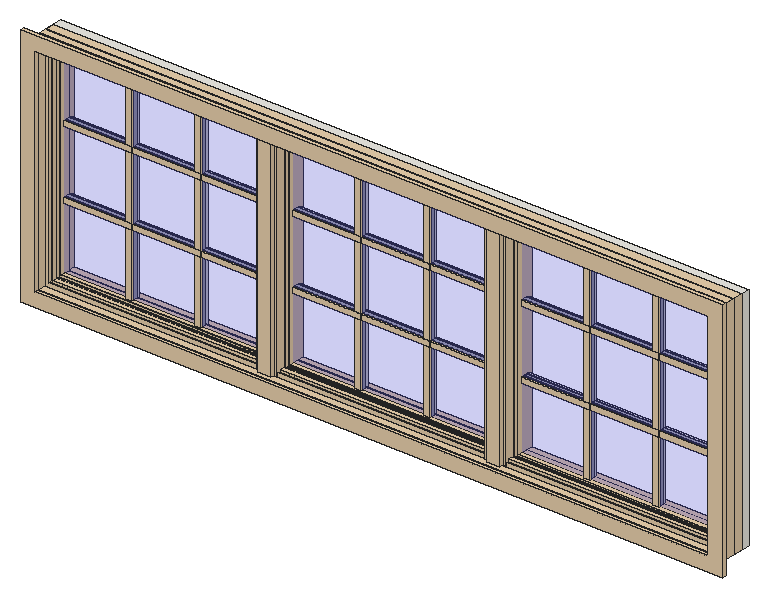
Revit family "1 Window-Transom_Fixed-Andersen-400_Series_Triple", category Windows, host Wall, Revit 2014 (continued)
Definition of nested family "Andersen_Sash_Panel"
  Definition of nested family "Andersen_Grille_Bar"
    Dimensions and locks (in)
      equal spacing: plane 4 "1", plane 3 "Center (Left/Right)", plane 5 "2"
      equal spacing: plane 6, plane 1 "Center (Front/Back)", plane 7
      "Bar Width": plane 4 "1" to plane 5 "2"
      "Bar Length": plane 6 to plane 7
      "Center Line Length": plane 6 to plane 9
      locked: plane 10 "a1" to plane 2 "a" at 12
      locked: plane 2 "a" to plane 11 "a2" at 12
      "Glass Pane Thickness": Extrusion 3 to plane 8 "b"
      "Glass Pane Thickness": plane 2 "a" to Extrusion 3
      aligned and locked: plane 2 "a" to Extrusion 1
      aligned and locked: level to Extrusion 1
      aligned and locked: Extrusion 2 to plane 2 "a"
      aligned and locked: Extrusion 2 to plane 4 "1"
      aligned and locked: plane 5 "2" to Extrusion 2
      aligned and locked: plane 6 to Extrusion 2
      aligned and locked: Extrusion 2 to plane 7
      aligned and locked: Extrusion 3 to plane 4 "1"
      aligned and locked: plane 5 "2" to Extrusion 3
      aligned and locked: plane 6 to Extrusion 3
      aligned and locked: Extrusion 3 to plane 7
      aligned and locked: plane 8 "b" to Extrusion 4
      aligned and locked: Extrusion 4 to plane 4 "1"
      aligned and locked: plane 5 "2" to Extrusion 4
      aligned and locked: plane 6 to Extrusion 4
      aligned and locked: Extrusion 4 to plane 7
      aligned and locked: plane 6 to curve 1
      aligned and locked: plane 9 to curve 1
      aligned and locked: curve 1 to plane 3 "Center (Left/Right)"
      aligned and locked: plane 6 to curve 2
      aligned and locked: plane 9 to curve 2
      aligned and locked: curve 2 to plane 3 "Center (Left/Right)"
    Automatic sketch dimensions
      Extrusion 1 sketch curve to Extrusion 1 sketch curve = 8' - 0"  (x2)
      plane 7 to Extrusion 2 sketch curve = 0' - 0"
      Extrusion 2 sketch curve to plane 5 "2" = 0' - 0 7/8"
      Extrusion 2 sketch curve to plane 6 = 0' - 0"
      Extrusion 2 sketch curve to Extrusion 2 sketch curve = 0' - 0 7/8"
      plane 7 to Extrusion 3 sketch curve = 0' - 0"
      Extrusion 3 sketch curve to plane 5 "2" = 0' - 0 7/8"
      Extrusion 3 sketch curve to plane 6 = 0' - 0"
      Extrusion 3 sketch curve to Extrusion 3 sketch curve = 0' - 0 7/8"
      Extrusion 4 sketch curve to plane 7 = 0' - 0"
      Extrusion 4 sketch curve to plane 5 "2" = 0' - 0 7/8"
      Extrusion 4 sketch curve to plane 6 = 0' - 0"
      Extrusion 4 sketch curve to Extrusion 4 sketch curve = 0' - 0 7/8"
Types (3): name | XPanelWidth | XPanelHeight | LWide | . . Lights Wide | . . Lights High | VGB DLO | TS V DLO | TS V Bar Length | TS SH DLO | TS S V | TS M V | TS M H | TS HGB DLO | Rough Width | Rough Height | Product Documentation Link | Masonry Width | Masonry Height | Height | H DLO | Exterior Trim Finish | Designation | Default Sill Height | Width
  84-5/8" x 12" | 2' - 10 7/8" | 2' - 10 7/8" | 3 | 3 | 3 | 2' - 9.82682" | 2' - 7 1/2" | 2' - 7 1/2" | 1' - 6" | no | yes | yes | 0' - 9.91667" | 9' - 0 59/256" | 3' - 0 1/2" | "https://www.andersenwindows.com/windows-and-doors/series/400-series/" | 9' - 0 59/256" | 3' - 0 1/2" | 3' - 0" | 8' - 7 59/256" | Fibrex Composite - Andersen - White | "CTR32410" | 3' - 10" | 8' - 11 187/256"
  71-7/8" x 12" | 1' - 10.92318" | 0' - 10 7/8" | 2 | 2 | 1 | 1' - 9 7/8" | 0' - 7 1/2" | 0' - 7 1/2" | 0' - 6" | yes | no | no | 0' - 4" | 6' - 0 3/8" | 1' - 0 1/2" | "http://www.andersenwindows.com/products/400-series-casement-window/" | 6' - 0 3/8" | 1' - 0 1/2" | 1' - 0" | 5' - 7 3/8" | none | "CTR32010" | 5' - 10" | 5' - 11 7/8"
  61" x 12" | 1' - 7.29818" | 0' - 10 7/8" | 2 | 2 | 1 | 1' - 6 1/4" | 0' - 7 1/2" | 0' - 7 1/2" | 0' - 6" | yes | no | no | 0' - 4" | 5' - 1 1/2" | 1' - 0 1/2" | "http://www.andersenwindows.com/products/400-series-casement-window/" | 5' - 1 1/2" | 1' - 0 1/2" | 1' - 0" | 4' - 8 1/2" | none | "CTR31810" | 5' - 10" | 5' - 1"
